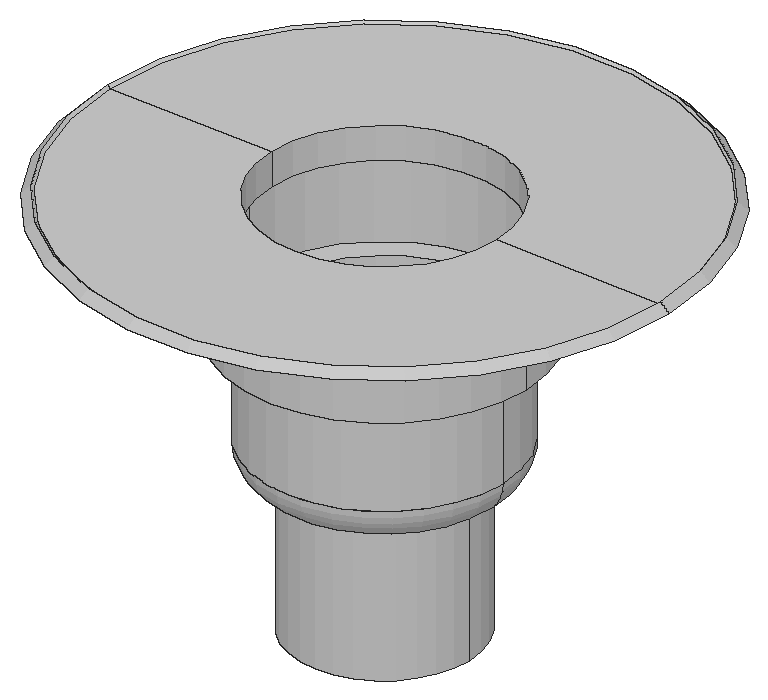
Revit family "PX_SEQ_Wetfloor-with-Bottom- Outlet_PC097746", category Plumbing Fixtures, Revit 2016
Family settings
  Part Type = Normal
  Round Connector Dimension = Use Diameter
  Work Plane-Based = No
  Always vertical = Yes
  Cut with Voids When Loaded = No
  Shared = No
  Room Calculation Point = No
Parameters (values of type "SEQ Wetfloor With Bottom Outlet 75mm")
  URL for TCP = "http://www.tcpbim.co.za"
  URL = "https://seaqual.co.za/collections/internal-floor-drains/products/w-f-b-dr-1-fix-f-box-50mm-side-out"
  Type Comments = "Wetfloor 304 with 50mm Bottom Outlet"
  Stainless Steel = Stainless Steel
  Plastic = Plastic
  Model = "097746"
  Manufacturer = "Seaqual"
  Made By = "Tolani Civil Projects cc"
  ASAQS Code = "6.603.10"
Reference planes
  plane 1 "Center (Front/Back)": y = 0
  plane 2: z = 0
  plane 3 "Center (Left/Right)": x = 0
Forms (mm)
  Revolve 1, solid, material "Plastic" <- "Plastic"
    sketch origin (0, 0, 0) x (1, 0, 0) y (0, 0, 1)
      loop
        line (-52.5, 0) -> (-52.5, -8.25) -> (-62.5, -8.25) -> (-62.5, -51.75) -> (-52.5, -51.75) -> (-52.5, -92.188)
        arc (-52.5, -92.188) -> (-48.107, -102.794) -> (-37.5, -107.188) r 15
        line (-37.5, -107.188) -> (-37.5, -167.187) -> (-34.5, -167.187) -> (-34.5, -104.188) -> (-37.5, -104.188)
        arc (-37.5, -104.188) -> (-45.985, -100.673) -> (-49.5, -92.188) r 12
        line (-49.5, -92.188) -> (-49.5, -48.75) -> (-59.5, -48.75) -> (-59.5, -11.25) -> (-49.5, -11.25) -> (-49.5, 2.5) -> (-120.5, 2.5) -> (-121.5, 3.5) -> (-125, 0) -> (-52.5, 0)
      axis (0, 3.5) -> (0, -167.188)
    angle from 0 to 360
Dimensions and locks
  locked: Revolve 1 sketch curve to Revolve 1 sketch curve at 3  (x7)
  Revolve 1 sketch curve to Revolve 1 sketch curve to Revolve 1 sketch curve = 1 mm locked, 2.5 mm locked
  Revolve 1 sketch curve to Revolve 1 sketch curve to Revolve 1 sketch curve to Revolve 1 sketch curve = 3.5 mm locked, 1 mm locked, 120.5 mm locked
  Revolve 1 sketch curve to Revolve 1 sketch curve = 125 mm
  locked: Revolve 1 sketch curve to Revolve 1 sketch curve at 60
  Revolve 1 sketch curve to Revolve 1 sketch curve = 37.5 mm
  locked: Revolve 1 sketch curve to Revolve 1 sketch curve at 52.5
  locked: Revolve 1 sketch curve to Revolve 1 sketch curve at 62.5
  locked: Revolve 1 sketch curve to Revolve 1 sketch curve at 55.438
  locked: Revolve 1 sketch curve to Revolve 1 sketch curve at 43.5
  locked: Revolve 1 sketch curve to Revolve 1 sketch curve at 51.75
  aligned and locked: level to plane 2
  aligned and locked: Revolve 1 sketch curve to level
  aligned and locked: plane 2 to Revolve 1 sketch curve
  aligned and locked: Revolve 1 sketch curve to plane 3 "Center (Left/Right)"
Connectors
  piping at (0, 0, -167.187), diameter 75
    settings: on Revolve 1, index 1, connector inside diameter 609.6 mm, connector length 0 mm, flow factor 0, pipe flow 0.0 L/s, pressure drop 0.0 Pa, fitting loss kfactor 0, connector angle 0.00°, fixture units 0, engagement length 0 mm, angle of deflection 0.00°, flow configuration 0, flow direction 0, fitting loss method 0, system type 16, joint type 0, gender type 0, connector reference index -1, connector utility 0, adjustable connector no, is connector primary yes, connector description ""
